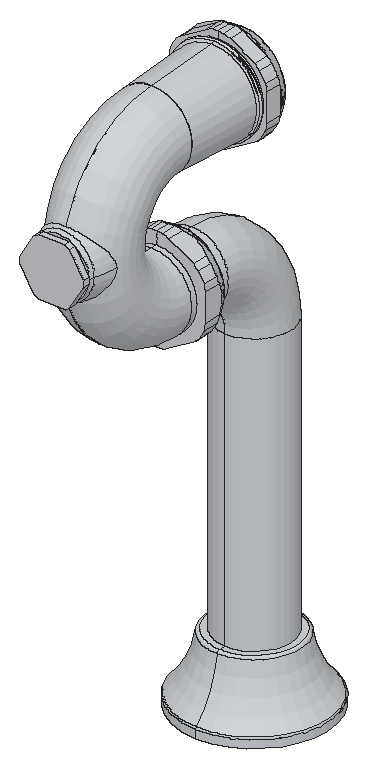
Revit family "Plumbing-Pipes-KOHLER-P_Trap-K-9000", category Plumbing Fixtures, host Face, Revit 2015 (continued)
Definition of nested family "K-9000"
  Automatic sketch dimensions
    curve 117 to plane 1 "Center (Front/Back)" = 3/4"
    curve 115 to plane 1 "Center (Front/Back)" = 3/4"
    level to curve 116 = 0.15847"
    curve 113 to curve 113 = 0.01758"
    curve 114 to curve 112 = 0.19766"
    curve 97 to curve 110 = 0.19814"
    curve 113 to curve 96 = 0.03487"
    curve 105 to curve 102 = 0.02324"
    curve 96 to curve 102 = 0.03573"
    curve 96 to curve 99 = 0.01576"
    plane 5 to curve 94 = 0.82683"
    curve 106 to curve 97 = 0.19814"
    curve 94 to curve 93 = 0.13679"
    curve 93 to curve 88 = 0.08428"
    curve 89 to curve 88 = 0"
    curve 94 to curve 94 = 0.42659"
    curve 89 to curve 92 = 0.39473"
    curve 92 to curve 91 = 0.11473"
    curve 94 to curve 95 = 0.56628"
    curve 91 to curve 88 = 0.39513"
    curve 88 to curve 89 = 0.01258"
    curve 89 to curve 90 = 0.0713"
    curve 80 to curve 85 = 0.11335"
    curve 85 to curve 86 = 0.00598"
    curve 85 to curve 83 = 0.01191"
    curve 83 to curve 84 = 0.02173"
    curve 86 to curve 87 = 0.04422"
    curve 90 to curve 95 = 0.13687"
    curve 87 to curve 72 = 0.16355"
    curve 87 to curve 84 = 0.01656"
    curve 87 to curve 86 = 0.04422"
    curve 84 to curve 85 = 0.03365"
    radius of curve 55 = 0.76523"
    radius of curve 56 = 0.87605"
    radius of Sweep 2 sketch curve = 3/4"
    radius of Sweep 3 sketch curve = 0.81149"
    radius of Extrusion 7 sketch curve = 1.14705"
    radius of Extrusion 8 sketch curve = 1.14705"
    radius of Sweep 9 sketch curve = 0.594"
    radius of Sweep 11 sketch curve = 0.76523"
    radius of Extrusion 12 sketch curve = 1 1/2"
    radius of Extrusion 13 sketch curve = 1.07"
    radius of Extrusion 14 sketch curve = 1.07"
    radius of Extrusion 15 sketch curve = 0.655"
    radius of Extrusion 16 sketch curve = 3/4"
